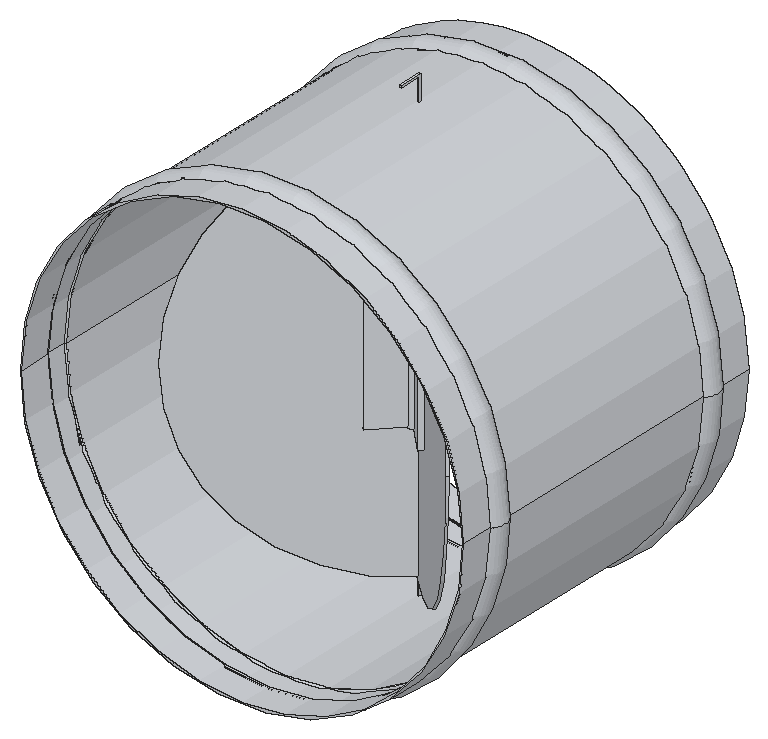
Revit family "BF", category Mechanical Equipment, Revit 2015
Parameters
  Void Radius [instance] = Radius - 0' 0 5/256"  # 0' - 4 251/256"
  URL = "https://unitedenertech.com/catalog/pdf/F_7%20BF.pdf"
  Type Comments = "Max. Size is (18\" Diameter)"
  Radius [instance] = 0.5 * Exact Diameter  # 0' - 5"
  Model = "BF"
  Manufacturer = "United Enertech Corporation"
  Keynote = ""
  Inner Radius [instance] = Radius - 0' 0 9/256"  # 0' - 4 247/256"
  Exact Diameter = 0' - 10"
  Description = "Butterfly Backdraft Damper"
  Depth = 0' - 8"
  Blade Radius [instance] = Inner Radius - 0' 0 3/8"  # 0' - 4 151/256"
  3/8" Pin Visibility [instance] = if(Exact Diameter < 1' 3 251/256", 2 > 1, 1 > 2)  # yes
  3/4" Shaft Visibility [instance] = if(Exact Diameter > 2' 5 251/256", 2 > 1, 1 > 2)  # no
  1/2" Shaft Visibility [instance] = if(and(Exact Diameter > 1' 3 251/256", Exact Diameter < 2' 5 251/256"), 2 > 1, 1 > 2)  # no
Reference planes (in)
  plane 1 "Center (Front/Back)": y = 0
  plane 2: z = 0
  plane 3 "Center (Left/Right)": x = 0
  plane 4: x = -5
  plane 5: x = 5
  plane 6: y = 8
  plane 7: y = 7
  plane 8: y = 1
  plane 9: x = -5.6
  plane 10: x = -3.1
  plane 11: x = 3.1
  plane 12: x = 9.64655
  plane 13: x = 5.14655
  plane 14: x = 5.27155
  plane 15: y = 5
  plane 16: z = -5.5
  plane 17: z = 5.5
  plane 18: z = 5
  plane 19: z = -5
  plane 20: y = 4.47
  plane 21: z = -5.54
  plane 22: y = 4.96
  plane 23: z = 5.54
  plane 24: z = 1.5
  plane 25: z = -1.5
Forms (in)
  Extrusion 1, solid
    sketch origin (0, 0, 0) x (1, 0, 0) y (0, 0, 1)
      loop
        circle (0, 0) r 5
      loop
        circle (0, 0) r 4.96484
    from 0 to -8
  Sweep 2, solid
    path origin (0, 1, 0) x (1, 0, 0) y (0, 0, 1)
      loop
        circle (0, 0) r 5
    profile "Bead Sweep : Bead Sweep" origin (0, 1, 5) x (0, 0, -1) y (0, -1, 0)
      loop
        arc (0, 0.279) -> (-0.12, 0) -> (0, -0.279) r 0.38434
        line (0, -0.279) -> (0, 0.279)
  Sweep 3, solid
    path origin (0, 7, 0) x (1, 0, 0) y (0, 0, 1)
      loop
        circle (0, 0) r 5
    profile "Bead Sweep : Bead Sweep" origin (0, 7, 5) x (0, 0, -1) y (0, -1, 0)
      loop
        arc (0, 0.279) -> (-0.12, 0) -> (0, -0.279) r 0.38434
        line (0, -0.279) -> (0, 0.279)
  Sweep 4, void
    path origin (0, 1, 0) x (1, 0, 0) y (0, 0, 1)
      loop
        circle (0, 0) r 4.98047
    profile "Bead Void Sweep : Bead Void Sweep" origin (0, 1, 4.98047) x (0, 0, -1) y (0, -1, 0)
      loop
        arc (0.15416, 0.3555) -> (-0.0841, 0) -> (0.15416, -0.3555) r 0.38434
        line (0.15416, -0.3555) -> (0.15416, 0.3555)
  Sweep 5, void
    path origin (0, 7, 0) x (1, 0, 0) y (0, 0, 1)
      loop
        circle (0, 0) r 4.98047
    profile "Bead Void Sweep : Bead Void Sweep" origin (0, 7, 4.98047) x (0, 0, -1) y (0, -1, 0)
      loop
        arc (0.15416, 0.3555) -> (-0.0841, 0) -> (0.15416, -0.3555) r 0.38434
        line (0.15416, -0.3555) -> (0.15416, 0.3555)
  Extrusion 6, solid
    sketch origin (0, 0, 0) x (0, 1, 0) y (0, 0, 1)
      loop
        line (5, 5.54) -> (4.47, 5.54) -> (4.47, 5.5) -> (4.96, 5.5) -> (4.96, -5.5) -> (4.47, -5.5) -> (4.47, -5.54) -> (5, -5.54) -> (5, 5.54)
    from -0.02 to 0.02
  Extrusion 7, solid
    sketch origin (3.50725, 1.45275, 0) x (-0.707107, 0.707107, 0) y (0, 0, 1)
      loop
        circle (4.96, 0) r 4.58984
    from -0.02 to 0.02
  Extrusion 8, solid
    sketch origin (-3.50725, 1.45275, 0) x (0.707107, 0.707107, 0) y (0, 0, -1)
      loop
        circle (4.96, 0) r 4.58984
    from -0.02 to 0.02
  Extrusion 9, void
    sketch origin (0, 0, 0) x (1, 0, 0) y (0, 1, 0)
      loop
        line (-37.1509, 4.96) -> (30.8491, 4.96) -> (30.8491, 90) -> (-37.1509, 90) -> (-37.1509, 4.96)
    from -91.0604 to 98.72872
  Extrusion 10, solid
    sketch origin (0, 0, 0) x (1, 0, 0) y (0, 1, 0)
      loop
        line (0, 4.93172) -> (-0.67882, 4.25289) -> (-0.61518, 4.18925) -> (-0.06364, 4.7408)
        arc (-0.06364, 4.7408) -> (0, 4.71444) -> (0.06364, 4.7408) r 0.09
        line (0.06364, 4.7408) -> (0.61005, 4.19439) -> (0.67369, 4.25803) -> (0, 4.93172)
    from -1.5 to 1.5
Cuts and joins
  Sweep 4, Sweep 5 cuts Extrusion 1
  Sweep 5 cuts Sweep 2
  Extrusion 9 cuts Extrusion 7
  Extrusion 9 cuts Extrusion 8
Dimensions and locks (in)
  equal spacing: plane 4, plane 3 "Center (Left/Right)", plane 5
  "Exact Diameter": plane 4 to plane 5
  "Depth": plane 6 to plane 1 "Center (Front/Back)"
  locked: plane 8 to plane 1 "Center (Front/Back)" at 1
  locked: plane 6 to plane 7 at 1
  locked: plane 9 to plane 4 at 0.6
  locked: plane 4 to plane 10 at 1.9
  locked: plane 11 to plane 5 at 1.9
  locked: plane 5 to plane 12 at 4.64655
  locked: plane 5 to plane 13 at 0.14655
  locked: plane 5 to plane 14 at 0.27155
  locked: plane 6 to plane 15 at 3
  equal spacing: plane 18, level, plane 19
  "Exact Diameter": plane 18 to plane 19
  locked: plane 17 to plane 18 at 0.5
  locked: plane 19 to plane 16 at 0.5
  locked: plane 16 to plane 21 at 0.04
  locked: plane 15 to plane 22 at 0.04
  locked: plane 22 to plane 20 at 0.49
  locked: plane 23 to plane 17 at 0.04
  locked: level to plane 25 at 1.5
  locked: plane 24 to level at 1.5
  "Inner Radius": radius of Extrusion 1 sketch curve
  "Radius": radius of Extrusion 1 sketch curve
  "Radius": radius of Sweep 2 sketch curve
  "Radius": radius of Sweep 3 sketch curve
  "Void Radius": radius of Sweep 4 sketch curve
  "Void Radius": radius of Sweep 5 sketch curve
  "Blade Radius": radius of Extrusion 7 sketch curve
  "Blade Radius": radius of Extrusion 8 sketch curve
  aligned and locked: level to plane 2
  aligned and locked: plane 6 to Extrusion 1
  aligned and locked: plane 1 "Center (Front/Back)" to Extrusion 1
  aligned and locked: plane 23 to Extrusion 6 sketch curve
  aligned and locked: Extrusion 6 sketch curve to plane 17
  aligned and locked: Extrusion 6 sketch curve to plane 20  (x2)
  aligned and locked: Extrusion 6 sketch curve to plane 22
  aligned and locked: Extrusion 6 sketch curve to plane 15
  aligned and locked: plane 16 to Extrusion 6 sketch curve
  aligned and locked: Extrusion 6 sketch curve to plane 21
  aligned and locked: plane 24 to Extrusion 10
  aligned and locked: Extrusion 10 to plane 25
Automatic sketch dimensions
  Extrusion 9 sketch curve to plane 22 = 0' - 0"
  plane 9 to Extrusion 9 sketch curve = 2' - 7.5509"
  Extrusion 9 sketch curve to plane 12 = 1' - 9.20255"
  plane 6 to Extrusion 9 sketch curve = 6' - 10"
  Extrusion 10 sketch curve to plane 3 "Center (Left/Right)" = 0' - 0"  (x2)
  Extrusion 10 sketch curve to plane 3 "Center (Left/Right)" = 0' - 0.06364"
  Extrusion 10 sketch curve to plane 20 = 0' - 0.28075"
  Extrusion 10 sketch curve to plane 3 "Center (Left/Right)" = 0' - 0.61518"
  Extrusion 10 sketch curve to plane 20 = 0' - 0.21711"
  Extrusion 10 sketch curve to Extrusion 10 sketch curve = 0' - 0.06364"  (x2)
  Extrusion 10 sketch curve to plane 20 = 0' - 0.27561"
  plane 3 "Center (Left/Right)" to Extrusion 10 sketch curve = 0' - 0.06364"
  Extrusion 10 sketch curve to Extrusion 10 sketch curve = 0' - 0"
  Extrusion 1 sketch curve to Extrusion 1 sketch curve = 0' - 0"  (x2)
  Extrusion 1 sketch curve to level = 0' - 0"
  Extrusion 1 sketch curve to plane 3 "Center (Left/Right)" = 0' - 0"
  Sweep 2 sketch curve to level = 0' - 0"
  Sweep 2 sketch curve to plane 3 "Center (Left/Right)" = 0' - 0"
  Sweep 3 sketch curve to level = 0' - 0"
  Sweep 3 sketch curve to plane 3 "Center (Left/Right)" = 0' - 0"
  Sweep 4 sketch curve to level = 0' - 0"
  Sweep 4 sketch curve to plane 3 "Center (Left/Right)" = 0' - 0"
  Sweep 5 sketch curve to level = 0' - 0"
  Sweep 5 sketch curve to plane 3 "Center (Left/Right)" = 0' - 0"
  level to Extrusion 7 sketch curve = 0' - 0"
  level to Extrusion 8 sketch curve = 0' - 0"
